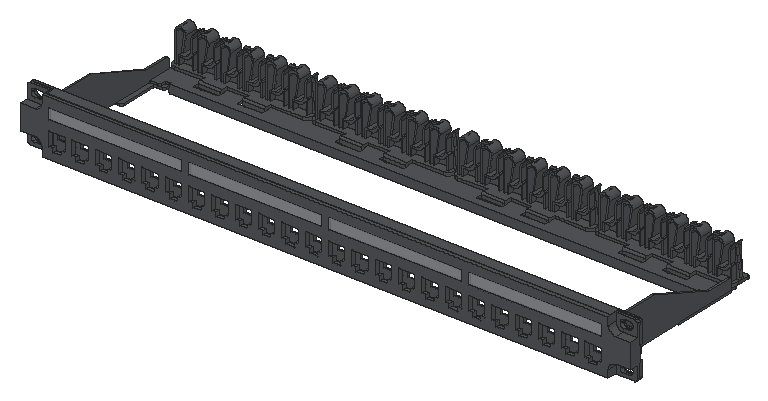
Revit family "Panel de interconexión", category Equipement spécialisé, Revit 2020 (continued)
Forms (mm)
  Extrusion 141, solid, material "IDS_NOIR" <- "Color"
    sketch origin (154.436, 226.765, 1200) x (-1, 0, 0) y (0, 0, 1)
      loop
        arc (-27.193, -1179.156) -> (-27.53, -1178.991) -> (-27.764, -1179.283) r 0.3
        line (-27.764, -1179.283) -> (-27.764, -1188.4)
      loop
        line (-16.764, -1182.4) -> (-16.764, -1188.4) -> (-15.004, -1188.4) -> (-15.004, -1182.4) -> (-16.764, -1182.4)
    from 1 to -1
  Extrusion 142, solid, material "IDS_NOIR" <- "Color"
    sketch origin (172.436, 226.765, 1200) x (-1, 0, 0) y (0, 0, 1)
      loop
        line (-28.964, -1163.4) -> (-28.964, -1173.921)
        arc (-28.964, -1173.921) -> (-29.228, -1174.219) -> (-29.555, -1173.994) r 0.3
        line (-29.555, -1173.994) -> (-31.804, -1165.028) -> (-31.804, -1188.4) -> (-28.964, -1188.4) -> (-28.964, -1178.068)
        arc (-28.964, -1178.068) -> (-28.87, -1177.644) -> (-28.605, -1177.3) r 1
        line (-28.605, -1177.3) -> (-27.764, -1176.6) -> (-27.764, -1166.45) -> (-28.964, -1163.4)
      loop
        line (-27.764, -1188.4) -> (-17.964, -1188.4) -> (-17.964, -1182.6) -> (-21.764, -1182.6)
        arc (-21.764, -1182.6) -> (-24.979, -1181.666) -> (-27.193, -1179.156) r 6
        arc (-27.193, -1179.156) -> (-27.53, -1178.991) -> (-27.764, -1179.283) r 0.3
        line (-27.764, -1179.283) -> (-27.764, -1188.4)
      loop
        line (-16.764, -1182.4) -> (-16.764, -1188.4) -> (-15.004, -1188.4) -> (-15.004, -1182.4) -> (-16.764, -1182.4)
    from 1 to -1
  Extrusion 143, solid, material "IDS_NOIR" <- "Color"
    sketch origin (190.436, 226.765, 1200) x (-1, 0, 0) y (0, 0, 1)
      loop
        line (-32.464, -1188.4) -> (-28.964, -1188.4) -> (-28.964, -1178.068)
        arc (-28.964, -1178.068) -> (-28.87, -1177.644) -> (-28.605, -1177.3) r 1
        line (-28.605, -1177.3) -> (-27.764, -1176.6) -> (-27.764, -1166.45) -> (-28.819, -1163.769) -> (-32.464, -1188.4)
      loop
        line (-27.764, -1188.4) -> (-17.964, -1188.4) -> (-17.964, -1182.6) -> (-21.764, -1182.6)
        arc (-21.764, -1182.6) -> (-24.979, -1181.666) -> (-27.193, -1179.156) r 6
        arc (-27.193, -1179.156) -> (-27.53, -1178.991) -> (-27.764, -1179.283) r 0.3
        line (-27.764, -1179.283) -> (-27.764, -1188.4)
      loop
        line (-16.764, -1182.4) -> (-16.764, -1188.4) -> (-15.004, -1188.4) -> (-15.004, -1182.4) -> (-16.764, -1182.4)
    from 1 to -1
  Extrusion 144, solid, material "IDS_NOIR" <- "Color"
    sketch origin (100.436, 226.765, 1200) x (-1, 0, 0) y (0, 0, 1)
      loop
        arc (-36.054, -1161.15) -> (-33.708, -1161.856) -> (-32.142, -1163.74) r 4.25
        arc (-32.142, -1163.74) -> (-32.055, -1162.798) -> (-31.221, -1162.35) r 1
        line (-31.221, -1162.35) -> (-28.964, -1162.35) -> (-28.964, -1161.15) -> (-36.054, -1161.15)
    from -1 to 1
  Extrusion 145, solid, material "IDS_NOIR" <- "Color"
    sketch origin (118.436, 226.765, 1200) x (-1, 0, 0) y (0, 0, 1)
      loop
        arc (-36.054, -1161.15) -> (-33.708, -1161.856) -> (-32.142, -1163.74) r 4.25
        arc (-32.142, -1163.74) -> (-32.055, -1162.798) -> (-31.221, -1162.35) r 1
        line (-31.221, -1162.35) -> (-28.964, -1162.35) -> (-28.964, -1161.15) -> (-36.054, -1161.15)
    from -1 to 1
  Extrusion 146, solid, material "IDS_NOIR" <- "Color"
    sketch origin (136.436, 226.765, 1200) x (-1, 0, 0) y (0, 0, 1)
      loop
        arc (-36.054, -1161.15) -> (-33.708, -1161.856) -> (-32.142, -1163.74) r 4.25
        arc (-32.142, -1163.74) -> (-32.055, -1162.798) -> (-31.221, -1162.35) r 1
        line (-31.221, -1162.35) -> (-28.964, -1162.35) -> (-28.964, -1161.15) -> (-36.054, -1161.15)
    from -1 to 1
  Extrusion 147, solid, material "IDS_NOIR" <- "Color"
    sketch origin (154.436, 226.765, 1200) x (-1, 0, 0) y (0, 0, 1)
      loop
        arc (-36.054, -1161.15) -> (-33.708, -1161.856) -> (-32.142, -1163.74) r 4.25
        arc (-32.142, -1163.74) -> (-32.055, -1162.798) -> (-31.221, -1162.35) r 1
        line (-31.221, -1162.35) -> (-28.964, -1162.35) -> (-28.964, -1161.15) -> (-36.054, -1161.15)
    from -1 to 1
  Extrusion 148, solid, material "IDS_NOIR" <- "Color"
    sketch origin (172.436, 226.765, 1200) x (-1, 0, 0) y (0, 0, 1)
      loop
        arc (-36.054, -1161.15) -> (-33.708, -1161.856) -> (-32.142, -1163.74) r 4.25
        arc (-32.142, -1163.74) -> (-32.055, -1162.798) -> (-31.221, -1162.35) r 1
        line (-31.221, -1162.35) -> (-28.964, -1162.35) -> (-28.964, -1161.15) -> (-36.054, -1161.15)
    from -1 to 1
  Extrusion 149, solid, material "IDS_NOIR" <- "Color"
    sketch origin (335.6, 127.2, 9.6) x (1, 0, 0) y (0, 1, 0)
      loop
        line (5.4, 91.1) -> (106.4, 91.1)
        arc (106.4, 91.1) -> (109.936, 92.564) -> (111.4, 96.1) r 5
        line (111.4, 96.1) -> (111.4, 105.6)
        arc (111.4, 105.6) -> (110.814, 107.014) -> (109.4, 107.6) r 2
        line (109.4, 107.6) -> (2.4, 107.6)
        arc (2.4, 107.6) -> (0.986, 107.014) -> (0.4, 105.6) r 2
        line (0.4, 105.6) -> (0.4, 96.1)
        arc (0.4, 96.1) -> (1.864, 92.564) -> (5.4, 91.1) r 5
    from 0 to 2
  Extrusion 150, solid, material "IDS_NOIR" <- "Color"
    sketch origin (364.5, 239.845, 1200) x (0, 1, 0) y (0, 0, 1)
      loop
        line (-21.545, -1190.4) -> (-21.545, -1188.4) -> (-26.045, -1188.4)
        arc (-26.045, -1188.4) -> (-27.106, -1188.839) -> (-27.545, -1189.9) r 1.5
        line (-27.545, -1189.9) -> (-27.545, -1192.9)
        arc (-27.545, -1192.9) -> (-27.106, -1193.961) -> (-26.045, -1194.4) r 1.5
        line (-26.045, -1194.4) -> (-23.545, -1194.4) -> (-23.545, -1192.4) -> (-25.545, -1192.4) -> (-25.545, -1190.4) -> (-21.545, -1190.4)
    from 0 to 18
  Extrusion 151, solid, material "IDS_NOIR" <- "Color"
    sketch origin (417.3, 239.845, 1200) x (0, 1, 0) y (0, 0, -1)
      loop
        line (-21.545, 1190.4) -> (-25.545, 1190.4) -> (-25.545, 1192.4) -> (-23.545, 1192.4) -> (-23.545, 1194.4) -> (-26.045, 1194.4)
        arc (-26.045, 1194.4) -> (-27.106, 1193.961) -> (-27.545, 1192.9) r 1.5
        line (-27.545, 1192.9) -> (-27.545, 1189.9)
        arc (-27.545, 1189.9) -> (-27.106, 1188.839) -> (-26.045, 1188.4) r 1.5
        line (-26.045, 1188.4) -> (-21.545, 1188.4) -> (-21.545, 1190.4)
    from 0 to 18
  Extrusion 152, solid, material "IDS_NOIR" <- "Color"
    sketch origin (341, 247.204, 1200) x (0, 1, 0) y (0, 0, 1)
      loop
        line (-12.404, -1190.401) -> (-13.654, -1190.401) -> (-13.654, -1195.9) -> (-12.404, -1195.9) -> (-12.404, -1190.401)
    from 0 to 22
  Extrusion 153, solid
    sketch origin (343.5, 236.327, 1200) x (0, 1, 0) y (0, 0, 1)
      loop
        line (-4.027, -1192.4) -> (-4.027, -1195.9) -> (-2.777, -1195.9) -> (-2.777, -1192.4) -> (-4.027, -1192.4)
    from 0 to 4
  Extrusion 154, void
    sketch origin (341, 247.204, 1200) x (0, -1, 0) y (0, 0, 1)
      loop
        line (12.904, -1195.9) -> (14.904, -1195.9) -> (14.904, -1193.4) -> (12.904, -1195.9)
    from 0 to -22
  Extrusion 155, solid, material "IDS_NOIR" <- "Color"
    sketch origin (440.8, 247.204, 1200) x (0, 1, 0) y (0, 0, -1)
      loop
        line (-12.404, 1190.401) -> (-12.404, 1195.9) -> (-13.654, 1195.9) -> (-13.654, 1190.401) -> (-12.404, 1190.401)
    from 0 to 22
  Extrusion 156, solid
    sketch origin (438.3, 236.327, 1200) x (0, 1, 0) y (0, 0, -1)
      loop
        line (-4.027, 1192.4) -> (-2.777, 1192.4) -> (-2.777, 1195.9) -> (-4.027, 1195.9) -> (-4.027, 1192.4)
    from 0 to 4
  Extrusion 157, void
    sketch origin (440.8, 247.204, 1200) x (0, -1, 0) y (0, 0, -1)
      loop
        line (12.904, 1195.9) -> (14.904, 1193.4) -> (14.904, 1195.9) -> (12.904, 1195.9)
    from 0 to -22
  Extrusion 158, solid, material "IDS_NOIR" <- "Color"
    sketch origin (307.6, 231.765, 1200) x (-1, 0, 0) y (0, 0, 1)
      loop
        line (-30.74, -1188.4) -> (-30.74, -1165.4)
        arc (-30.74, -1165.4) -> (-35.283, -1161.16) -> (-39.2, -1165.985) r 4.25
        line (-39.2, -1165.985) -> (-37.4, -1178.928) -> (-36.211, -1178.763) -> (-38.011, -1165.82)
        arc (-38.011, -1165.82) -> (-35.201, -1162.357) -> (-31.94, -1165.4) r 3.05
        line (-31.94, -1165.4) -> (-31.94, -1188.4) -> (-30.74, -1188.4)
      loop
        line (-44.7, -1176.6) -> (-45.54, -1177.3)
        arc (-45.54, -1177.3) -> (-45.806, -1177.644) -> (-45.9, -1178.068) r 1
        line (-45.9, -1178.068) -> (-45.9, -1188.4) -> (-44.7, -1188.4) -> (-44.7, -1179.283)
        arc (-44.7, -1179.283) -> (-44.465, -1178.991) -> (-44.129, -1179.156) r 0.3
        arc (-44.129, -1179.156) -> (-41.915, -1181.666) -> (-38.7, -1182.6) r 6
        line (-38.7, -1182.6) -> (-34.9, -1182.6) -> (-34.9, -1188.4) -> (-33.7, -1188.4) -> (-33.7, -1182.4)
        arc (-33.7, -1182.4) -> (-33.993, -1181.693) -> (-34.7, -1181.4) r 1
        line (-34.7, -1181.4) -> (-37.5, -1181.4)
        arc (-37.5, -1181.4) -> (-41.743, -1179.643) -> (-43.5, -1175.4) r 6
        line (-43.5, -1175.4) -> (-43.5, -1166.45) -> (-44.7, -1163.4) -> (-45.9, -1163.4) -> (-44.7, -1166.45) -> (-44.7, -1176.6)
    from 0 to -10
  Extrusion 159, solid, material "IDS_NOIR" <- "Color"
    sketch origin (325.6, 231.765, 1200) x (-1, 0, 0) y (0, 0, 1)
      loop
        line (-30.74, -1188.4) -> (-30.74, -1165.4)
        arc (-30.74, -1165.4) -> (-35.283, -1161.16) -> (-39.2, -1165.985) r 4.25
        line (-39.2, -1165.985) -> (-37.4, -1178.928) -> (-36.211, -1178.763) -> (-38.011, -1165.82)
        arc (-38.011, -1165.82) -> (-35.201, -1162.357) -> (-31.94, -1165.4) r 3.05
        line (-31.94, -1165.4) -> (-31.94, -1188.4) -> (-30.74, -1188.4)
      loop
        line (-44.7, -1176.6) -> (-45.54, -1177.3)
        arc (-45.54, -1177.3) -> (-45.806, -1177.644) -> (-45.9, -1178.068) r 1
        line (-45.9, -1178.068) -> (-45.9, -1188.4) -> (-44.7, -1188.4) -> (-44.7, -1179.283)
        arc (-44.7, -1179.283) -> (-44.465, -1178.991) -> (-44.129, -1179.156) r 0.3
        arc (-44.129, -1179.156) -> (-41.915, -1181.666) -> (-38.7, -1182.6) r 6
        line (-38.7, -1182.6) -> (-34.9, -1182.6) -> (-34.9, -1188.4) -> (-33.7, -1188.4) -> (-33.7, -1182.4)
        arc (-33.7, -1182.4) -> (-33.993, -1181.693) -> (-34.7, -1181.4) r 1
        line (-34.7, -1181.4) -> (-37.5, -1181.4)
        arc (-37.5, -1181.4) -> (-41.743, -1179.643) -> (-43.5, -1175.4) r 6
        line (-43.5, -1175.4) -> (-43.5, -1166.45) -> (-44.7, -1163.4) -> (-45.9, -1163.4) -> (-44.7, -1166.45) -> (-44.7, -1176.6)
    from 0 to -10
  Extrusion 160, solid, material "IDS_NOIR" <- "Color"
    sketch origin (343.6, 231.765, 1200) x (-1, 0, 0) y (0, 0, 1)
      loop
        line (-30.74, -1188.4) -> (-30.74, -1165.4)
        arc (-30.74, -1165.4) -> (-35.283, -1161.16) -> (-39.2, -1165.985) r 4.25
        line (-39.2, -1165.985) -> (-37.4, -1178.928) -> (-36.211, -1178.763) -> (-38.011, -1165.82)
        arc (-38.011, -1165.82) -> (-35.201, -1162.357) -> (-31.94, -1165.4) r 3.05
        line (-31.94, -1165.4) -> (-31.94, -1188.4) -> (-30.74, -1188.4)
      loop
        line (-44.7, -1176.6) -> (-45.54, -1177.3)
        arc (-45.54, -1177.3) -> (-45.806, -1177.644) -> (-45.9, -1178.068) r 1
        line (-45.9, -1178.068) -> (-45.9, -1188.4) -> (-44.7, -1188.4) -> (-44.7, -1179.283)
        arc (-44.7, -1179.283) -> (-44.465, -1178.991) -> (-44.129, -1179.156) r 0.3
        arc (-44.129, -1179.156) -> (-41.915, -1181.666) -> (-38.7, -1182.6) r 6
        line (-38.7, -1182.6) -> (-34.9, -1182.6) -> (-34.9, -1188.4) -> (-33.7, -1188.4) -> (-33.7, -1182.4)
        arc (-33.7, -1182.4) -> (-33.993, -1181.693) -> (-34.7, -1181.4) r 1
        line (-34.7, -1181.4) -> (-37.5, -1181.4)
        arc (-37.5, -1181.4) -> (-41.743, -1179.643) -> (-43.5, -1175.4) r 6
        line (-43.5, -1175.4) -> (-43.5, -1166.45) -> (-44.7, -1163.4) -> (-45.9, -1163.4) -> (-44.7, -1166.45) -> (-44.7, -1176.6)
    from 0 to -10
  Extrusion 161, solid, material "IDS_NOIR" <- "Color"
    sketch origin (361.6, 231.765, 1200) x (-1, 0, 0) y (0, 0, 1)
      loop
        line (-30.74, -1188.4) -> (-30.74, -1165.4)
        arc (-30.74, -1165.4) -> (-35.283, -1161.16) -> (-39.2, -1165.985) r 4.25
        line (-39.2, -1165.985) -> (-37.4, -1178.928) -> (-36.211, -1178.763) -> (-38.011, -1165.82)
        arc (-38.011, -1165.82) -> (-35.201, -1162.357) -> (-31.94, -1165.4) r 3.05
        line (-31.94, -1165.4) -> (-31.94, -1188.4) -> (-30.74, -1188.4)
      loop
        line (-44.7, -1176.6) -> (-45.54, -1177.3)
        arc (-45.54, -1177.3) -> (-45.806, -1177.644) -> (-45.9, -1178.068) r 1
        line (-45.9, -1178.068) -> (-45.9, -1188.4) -> (-44.7, -1188.4) -> (-44.7, -1179.283)
        arc (-44.7, -1179.283) -> (-44.465, -1178.991) -> (-44.129, -1179.156) r 0.3
        arc (-44.129, -1179.156) -> (-41.915, -1181.666) -> (-38.7, -1182.6) r 6
        line (-38.7, -1182.6) -> (-34.9, -1182.6) -> (-34.9, -1188.4) -> (-33.7, -1188.4) -> (-33.7, -1182.4)
        arc (-33.7, -1182.4) -> (-33.993, -1181.693) -> (-34.7, -1181.4) r 1
        line (-34.7, -1181.4) -> (-37.5, -1181.4)
        arc (-37.5, -1181.4) -> (-41.743, -1179.643) -> (-43.5, -1175.4) r 6
        line (-43.5, -1175.4) -> (-43.5, -1166.45) -> (-44.7, -1163.4) -> (-45.9, -1163.4) -> (-44.7, -1166.45) -> (-44.7, -1176.6)
    from 0 to -10
  Extrusion 162, solid, material "IDS_NOIR" <- "Color"
    sketch origin (379.6, 231.765, 1200) x (-1, 0, 0) y (0, 0, 1)
      loop
        line (-30.74, -1188.4) -> (-30.74, -1165.4)
        arc (-30.74, -1165.4) -> (-35.283, -1161.16) -> (-39.2, -1165.985) r 4.25
        line (-39.2, -1165.985) -> (-37.4, -1178.928) -> (-36.211, -1178.763) -> (-38.011, -1165.82)
        arc (-38.011, -1165.82) -> (-35.201, -1162.357) -> (-31.94, -1165.4) r 3.05
        line (-31.94, -1165.4) -> (-31.94, -1188.4) -> (-30.74, -1188.4)
      loop
        line (-44.7, -1176.6) -> (-45.54, -1177.3)
        arc (-45.54, -1177.3) -> (-45.806, -1177.644) -> (-45.9, -1178.068) r 1
        line (-45.9, -1178.068) -> (-45.9, -1188.4) -> (-44.7, -1188.4) -> (-44.7, -1179.283)
        arc (-44.7, -1179.283) -> (-44.465, -1178.991) -> (-44.129, -1179.156) r 0.3
        arc (-44.129, -1179.156) -> (-41.915, -1181.666) -> (-38.7, -1182.6) r 6
        line (-38.7, -1182.6) -> (-34.9, -1182.6) -> (-34.9, -1188.4) -> (-33.7, -1188.4) -> (-33.7, -1182.4)
        arc (-33.7, -1182.4) -> (-33.993, -1181.693) -> (-34.7, -1181.4) r 1
        line (-34.7, -1181.4) -> (-37.5, -1181.4)
        arc (-37.5, -1181.4) -> (-41.743, -1179.643) -> (-43.5, -1175.4) r 6
        line (-43.5, -1175.4) -> (-43.5, -1166.45) -> (-44.7, -1163.4) -> (-45.9, -1163.4) -> (-44.7, -1166.45) -> (-44.7, -1176.6)
    from 0 to -10
  Extrusion 163, solid, material "IDS_NOIR" <- "Color"
    sketch origin (397.6, 231.765, 1200) x (-1, 0, 0) y (0, 0, 1)
      loop
        line (-30.74, -1188.4) -> (-30.74, -1165.4)
        arc (-30.74, -1165.4) -> (-35.283, -1161.16) -> (-39.2, -1165.985) r 4.25
        line (-39.2, -1165.985) -> (-37.4, -1178.928) -> (-36.211, -1178.763) -> (-38.011, -1165.82)
        arc (-38.011, -1165.82) -> (-35.201, -1162.357) -> (-31.94, -1165.4) r 3.05
        line (-31.94, -1165.4) -> (-31.94, -1188.4) -> (-30.74, -1188.4)
      loop
        line (-44.7, -1176.6) -> (-45.54, -1177.3)
        arc (-45.54, -1177.3) -> (-45.806, -1177.644) -> (-45.9, -1178.068) r 1
        line (-45.9, -1178.068) -> (-45.9, -1188.4) -> (-44.7, -1188.4) -> (-44.7, -1179.283)
        arc (-44.7, -1179.283) -> (-44.465, -1178.991) -> (-44.129, -1179.156) r 0.3
        arc (-44.129, -1179.156) -> (-41.915, -1181.666) -> (-38.7, -1182.6) r 6
        line (-38.7, -1182.6) -> (-34.9, -1182.6) -> (-34.9, -1188.4) -> (-33.7, -1188.4) -> (-33.7, -1182.4)
        arc (-33.7, -1182.4) -> (-33.993, -1181.693) -> (-34.7, -1181.4) r 1
        line (-34.7, -1181.4) -> (-37.5, -1181.4)
        arc (-37.5, -1181.4) -> (-41.743, -1179.643) -> (-43.5, -1175.4) r 6
        line (-43.5, -1175.4) -> (-43.5, -1166.45) -> (-44.7, -1163.4) -> (-45.9, -1163.4) -> (-44.7, -1166.45) -> (-44.7, -1176.6)
    from 0 to -10
  Extrusion 164, solid, material "IDS_NOIR" <- "Color"
    sketch origin (324.536, 226.765, 1200) x (-1, 0, 0) y (0, 0, 1)
      loop
        line (-28.964, -1163.4) -> (-28.964, -1173.921)
        arc (-28.964, -1173.921) -> (-29.228, -1174.219) -> (-29.555, -1173.994) r 0.3
        line (-29.555, -1173.994) -> (-31.804, -1165.028) -> (-31.804, -1188.4) -> (-28.964, -1188.4) -> (-28.964, -1178.068)
        arc (-28.964, -1178.068) -> (-28.87, -1177.644) -> (-28.605, -1177.3) r 1
        line (-28.605, -1177.3) -> (-27.764, -1176.6) -> (-27.764, -1166.45) -> (-28.964, -1163.4)
      loop
        line (-27.764, -1188.4) -> (-17.964, -1188.4) -> (-17.964, -1182.6) -> (-21.764, -1182.6)
        arc (-21.764, -1182.6) -> (-24.979, -1181.666) -> (-27.193, -1179.156) r 6
        arc (-27.193, -1179.156) -> (-27.53, -1178.991) -> (-27.764, -1179.283) r 0.3
        line (-27.764, -1179.283) -> (-27.764, -1188.4)
      loop
        line (-16.764, -1182.4) -> (-16.764, -1188.4) -> (-15.004, -1188.4) -> (-15.004, -1182.4) -> (-16.764, -1182.4)
      loop
        line (-13.804, -1188.4) -> (-11.464, -1188.4) -> (-13.804, -1165.4) -> (-13.804, -1188.4)
    from 1 to -1
  Extrusion 165, solid, material "IDS_NOIR" <- "Color"
    sketch origin (342.536, 226.765, 1200) x (-1, 0, 0) y (0, 0, 1)
      loop
        line (-28.964, -1163.4) -> (-28.964, -1173.921)
        arc (-28.964, -1173.921) -> (-29.228, -1174.219) -> (-29.555, -1173.994) r 0.3
        line (-29.555, -1173.994) -> (-31.804, -1165.028) -> (-31.804, -1188.4) -> (-28.964, -1188.4) -> (-28.964, -1178.068)
        arc (-28.964, -1178.068) -> (-28.87, -1177.644) -> (-28.605, -1177.3) r 1
        line (-28.605, -1177.3) -> (-27.764, -1176.6) -> (-27.764, -1166.45) -> (-28.964, -1163.4)
      loop
        line (-27.764, -1188.4) -> (-17.964, -1188.4) -> (-17.964, -1182.6) -> (-21.764, -1182.6)
        arc (-21.764, -1182.6) -> (-24.979, -1181.666) -> (-27.193, -1179.156) r 6
        arc (-27.193, -1179.156) -> (-27.53, -1178.991) -> (-27.764, -1179.283) r 0.3
        line (-27.764, -1179.283) -> (-27.764, -1188.4)
      loop
        line (-16.764, -1182.4) -> (-16.764, -1188.4) -> (-15.229, -1188.4) -> (-15.229, -1182.4) -> (-16.764, -1182.4)
    from 1 to -1
  Extrusion 166, solid, material "IDS_NOIR" <- "Color"
    sketch origin (360.536, 226.765, 1200) x (-1, 0, 0) y (0, 0, 1)
      loop
        line (-28.964, -1163.4) -> (-28.964, -1173.921)
        arc (-28.964, -1173.921) -> (-29.228, -1174.219) -> (-29.555, -1173.994) r 0.3
        line (-29.555, -1173.994) -> (-31.804, -1165.028) -> (-31.804, -1188.4) -> (-28.964, -1188.4) -> (-28.964, -1178.068)
        arc (-28.964, -1178.068) -> (-28.87, -1177.644) -> (-28.605, -1177.3) r 1
        line (-28.605, -1177.3) -> (-27.764, -1176.6) -> (-27.764, -1166.45) -> (-28.964, -1163.4)
      loop
        line (-27.764, -1188.4) -> (-17.964, -1188.4) -> (-17.964, -1182.6) -> (-21.764, -1182.6)
        arc (-21.764, -1182.6) -> (-24.979, -1181.666) -> (-27.193, -1179.156) r 6
        arc (-27.193, -1179.156) -> (-27.53, -1178.991) -> (-27.764, -1179.283) r 0.3
        line (-27.764, -1179.283) -> (-27.764, -1188.4)
      loop
        line (-16.764, -1182.4) -> (-16.764, -1188.4) -> (-15.004, -1188.4) -> (-15.004, -1182.4) -> (-16.764, -1182.4)
    from 1 to -1
  Extrusion 167, solid, material "IDS_NOIR" <- "Color"
    sketch origin (378.536, 226.765, 1200) x (-1, 0, 0) y (0, 0, 1)
      loop
        line (-28.964, -1163.4) -> (-28.964, -1173.921)
        arc (-28.964, -1173.921) -> (-29.228, -1174.219) -> (-29.555, -1173.994) r 0.3
        line (-29.555, -1173.994) -> (-31.804, -1165.028) -> (-31.804, -1188.4) -> (-28.964, -1188.4) -> (-28.964, -1178.068)
        arc (-28.964, -1178.068) -> (-28.87, -1177.644) -> (-28.605, -1177.3) r 1
        line (-28.605, -1177.3) -> (-27.764, -1176.6) -> (-27.764, -1166.45) -> (-28.964, -1163.4)
      loop
        line (-27.764, -1188.4) -> (-17.964, -1188.4) -> (-17.964, -1182.6) -> (-21.764, -1182.6)
        arc (-21.764, -1182.6) -> (-24.979, -1181.666) -> (-27.193, -1179.156) r 6
        arc (-27.193, -1179.156) -> (-27.53, -1178.991) -> (-27.764, -1179.283) r 0.3
        line (-27.764, -1179.283) -> (-27.764, -1188.4)
      loop
        line (-16.764, -1182.4) -> (-16.764, -1188.4) -> (-15.004, -1188.4) -> (-15.004, -1182.4) -> (-16.764, -1182.4)
    from 1 to -1
  Extrusion 168, solid, material "IDS_NOIR" <- "Color"
    sketch origin (396.536, 226.765, 1200) x (-1, 0, 0) y (0, 0, 1)
      loop
        line (-28.964, -1163.4) -> (-28.964, -1173.921)
        arc (-28.964, -1173.921) -> (-29.228, -1174.219) -> (-29.555, -1173.994) r 0.3
        line (-29.555, -1173.994) -> (-31.804, -1165.028) -> (-31.804, -1188.4) -> (-28.964, -1188.4) -> (-28.964, -1178.068)
        arc (-28.964, -1178.068) -> (-28.87, -1177.644) -> (-28.605, -1177.3) r 1
        line (-28.605, -1177.3) -> (-27.764, -1176.6) -> (-27.764, -1166.45) -> (-28.964, -1163.4)
      loop
        line (-27.764, -1188.4) -> (-17.964, -1188.4) -> (-17.964, -1182.6) -> (-21.764, -1182.6)
        arc (-21.764, -1182.6) -> (-24.979, -1181.666) -> (-27.193, -1179.156) r 6
        arc (-27.193, -1179.156) -> (-27.53, -1178.991) -> (-27.764, -1179.283) r 0.3
        line (-27.764, -1179.283) -> (-27.764, -1188.4)
      loop
        line (-16.764, -1182.4) -> (-16.764, -1188.4) -> (-15.004, -1188.4) -> (-15.004, -1182.4) -> (-16.764, -1182.4)
    from 1 to -1
  Extrusion 169, solid, material "IDS_NOIR" <- "Color"
    sketch origin (414.536, 226.765, 1200) x (-1, 0, 0) y (0, 0, 1)
      loop
        line (-32.464, -1188.4) -> (-28.964, -1188.4) -> (-28.964, -1178.068)
        arc (-28.964, -1178.068) -> (-28.87, -1177.644) -> (-28.605, -1177.3) r 1
        line (-28.605, -1177.3) -> (-27.764, -1176.6) -> (-27.764, -1166.45) -> (-28.819, -1163.769) -> (-32.464, -1188.4)
      loop
        line (-27.764, -1188.4) -> (-17.964, -1188.4) -> (-17.964, -1182.6) -> (-21.764, -1182.6)
        arc (-21.764, -1182.6) -> (-24.979, -1181.666) -> (-27.193, -1179.156) r 6
        arc (-27.193, -1179.156) -> (-27.53, -1178.991) -> (-27.764, -1179.283) r 0.3
        line (-27.764, -1179.283) -> (-27.764, -1188.4)
      loop
        line (-16.764, -1182.4) -> (-16.764, -1188.4) -> (-15.004, -1188.4) -> (-15.004, -1182.4) -> (-16.764, -1182.4)
    from 1 to -1
  Extrusion 170, solid, material "IDS_NOIR" <- "Color"
    sketch origin (324.536, 226.765, 1200) x (-1, 0, 0) y (0, 0, 1)
      loop
        arc (-36.054, -1161.15) -> (-33.708, -1161.856) -> (-32.142, -1163.74) r 4.25
        arc (-32.142, -1163.74) -> (-32.055, -1162.798) -> (-31.221, -1162.35) r 1
        line (-31.221, -1162.35) -> (-28.964, -1162.35) -> (-28.964, -1161.15) -> (-36.054, -1161.15)
    from -1 to 1
  Extrusion 171, solid, material "IDS_NOIR" <- "Color"
    sketch origin (342.536, 226.765, 1200) x (-1, 0, 0) y (0, 0, 1)
      loop
        arc (-36.054, -1161.15) -> (-33.708, -1161.856) -> (-32.142, -1163.74) r 4.25
        arc (-32.142, -1163.74) -> (-32.055, -1162.798) -> (-31.221, -1162.35) r 1
        line (-31.221, -1162.35) -> (-28.964, -1162.35) -> (-28.964, -1161.15) -> (-36.054, -1161.15)
    from -1 to 1
  Extrusion 172, solid, material "IDS_NOIR" <- "Color"
    sketch origin (360.536, 226.765, 1200) x (-1, 0, 0) y (0, 0, 1)
      loop
        arc (-36.054, -1161.15) -> (-33.708, -1161.856) -> (-32.142, -1163.74) r 4.25
        arc (-32.142, -1163.74) -> (-32.055, -1162.798) -> (-31.221, -1162.35) r 1
        line (-31.221, -1162.35) -> (-28.964, -1162.35) -> (-28.964, -1161.15) -> (-36.054, -1161.15)
    from -1 to 1
  Extrusion 173, solid, material "IDS_NOIR" <- "Color"
    sketch origin (378.536, 226.765, 1200) x (-1, 0, 0) y (0, 0, 1)
      loop
        arc (-36.054, -1161.15) -> (-33.708, -1161.856) -> (-32.142, -1163.74) r 4.25
        arc (-32.142, -1163.74) -> (-32.055, -1162.798) -> (-31.221, -1162.35) r 1
        line (-31.221, -1162.35) -> (-28.964, -1162.35) -> (-28.964, -1161.15) -> (-36.054, -1161.15)
    from -1 to 1
  Extrusion 174, solid, material "IDS_NOIR" <- "Color"
    sketch origin (396.536, 226.765, 1200) x (-1, 0, 0) y (0, 0, 1)
      loop
        arc (-36.054, -1161.15) -> (-33.708, -1161.856) -> (-32.142, -1163.74) r 4.25
        arc (-32.142, -1163.74) -> (-32.055, -1162.798) -> (-31.221, -1162.35) r 1
        line (-31.221, -1162.35) -> (-28.964, -1162.35) -> (-28.964, -1161.15) -> (-36.054, -1161.15)
    from -1 to 1
  Extrusion 175, solid, material "IDS_NOIR" <- "Color"
    sketch origin (224.1, 127.2, 9.6) x (1, 0, 0) y (0, 1, 0)
      loop
        line (5.4, 91.1) -> (106.4, 91.1)
        arc (106.4, 91.1) -> (109.936, 92.564) -> (111.4, 96.1) r 5
        line (111.4, 96.1) -> (111.4, 105.6)
        arc (111.4, 105.6) -> (110.814, 107.014) -> (109.4, 107.6) r 2
        line (109.4, 107.6) -> (2.4, 107.6)
        arc (2.4, 107.6) -> (0.986, 107.014) -> (0.4, 105.6) r 2
        line (0.4, 105.6) -> (0.4, 96.1)
        arc (0.4, 96.1) -> (1.864, 92.564) -> (5.4, 91.1) r 5
    from 0 to 2
  Extrusion 176, solid, material "IDS_NOIR" <- "Color"
    sketch origin (253, 239.845, 1200) x (0, 1, 0) y (0, 0, 1)
      loop
        line (-21.545, -1190.4) -> (-21.545, -1188.4) -> (-26.045, -1188.4)
        arc (-26.045, -1188.4) -> (-27.106, -1188.839) -> (-27.545, -1189.9) r 1.5
        line (-27.545, -1189.9) -> (-27.545, -1192.9)
        arc (-27.545, -1192.9) -> (-27.106, -1193.961) -> (-26.045, -1194.4) r 1.5
        line (-26.045, -1194.4) -> (-23.545, -1194.4) -> (-23.545, -1192.4) -> (-25.545, -1192.4) -> (-25.545, -1190.4) -> (-21.545, -1190.4)
    from 0 to 18
  Extrusion 177, solid, material "IDS_NOIR" <- "Color"
    sketch origin (305.8, 239.845, 1200) x (0, 1, 0) y (0, 0, -1)
      loop
        line (-21.545, 1190.4) -> (-25.545, 1190.4) -> (-25.545, 1192.4) -> (-23.545, 1192.4) -> (-23.545, 1194.4) -> (-26.045, 1194.4)
        arc (-26.045, 1194.4) -> (-27.106, 1193.961) -> (-27.545, 1192.9) r 1.5
        line (-27.545, 1192.9) -> (-27.545, 1189.9)
        arc (-27.545, 1189.9) -> (-27.106, 1188.839) -> (-26.045, 1188.4) r 1.5
        line (-26.045, 1188.4) -> (-21.545, 1188.4) -> (-21.545, 1190.4)
    from 0 to 18
  Extrusion 178, solid, material "IDS_NOIR" <- "Color"
    sketch origin (229.5, 247.204, 1200) x (0, 1, 0) y (0, 0, 1)
      loop
        line (-12.404, -1190.401) -> (-13.654, -1190.401) -> (-13.654, -1195.9) -> (-12.404, -1195.9) -> (-12.404, -1190.401)
    from 0 to 22
  Extrusion 179, solid
    sketch origin (232, 236.327, 1200) x (0, 1, 0) y (0, 0, 1)
      loop
        line (-4.027, -1192.4) -> (-4.027, -1195.9) -> (-2.777, -1195.9) -> (-2.777, -1192.4) -> (-4.027, -1192.4)
    from 0 to 4
  Extrusion 180, void
    sketch origin (229.5, 247.204, 1200) x (0, -1, 0) y (0, 0, 1)
      loop
        line (12.904, -1195.9) -> (14.904, -1195.9) -> (14.904, -1193.4) -> (12.904, -1195.9)
    from 0 to -22
  Extrusion 181, solid, material "IDS_NOIR" <- "Color"
    sketch origin (329.3, 247.204, 1200) x (0, 1, 0) y (0, 0, -1)
      loop
        line (-12.404, 1190.401) -> (-12.404, 1195.9) -> (-13.654, 1195.9) -> (-13.654, 1190.401) -> (-12.404, 1190.401)
    from 0 to 22
  Extrusion 182, solid
    sketch origin (326.8, 236.327, 1200) x (0, 1, 0) y (0, 0, -1)
      loop
        line (-4.027, 1192.4) -> (-2.777, 1192.4) -> (-2.777, 1195.9) -> (-4.027, 1195.9) -> (-4.027, 1192.4)
    from 0 to 4
  Extrusion 183, void
    sketch origin (329.3, 247.204, 1200) x (0, -1, 0) y (0, 0, -1)
      loop
        line (12.904, 1195.9) -> (14.904, 1193.4) -> (14.904, 1195.9) -> (12.904, 1195.9)
    from 0 to -22
  Extrusion 184, solid, material "IDS_NOIR" <- "Color"
    sketch origin (196.1, 231.765, 1200) x (-1, 0, 0) y (0, 0, 1)
      loop
        line (-30.74, -1188.4) -> (-30.74, -1165.4)
        arc (-30.74, -1165.4) -> (-35.283, -1161.16) -> (-39.2, -1165.985) r 4.25
        line (-39.2, -1165.985) -> (-37.4, -1178.928) -> (-36.211, -1178.763) -> (-38.011, -1165.82)
        arc (-38.011, -1165.82) -> (-35.201, -1162.357) -> (-31.94, -1165.4) r 3.05
        line (-31.94, -1165.4) -> (-31.94, -1188.4) -> (-30.74, -1188.4)
      loop
        line (-44.7, -1176.6) -> (-45.54, -1177.3)
        arc (-45.54, -1177.3) -> (-45.806, -1177.644) -> (-45.9, -1178.068) r 1
        line (-45.9, -1178.068) -> (-45.9, -1188.4) -> (-44.7, -1188.4) -> (-44.7, -1179.283)
        arc (-44.7, -1179.283) -> (-44.465, -1178.991) -> (-44.129, -1179.156) r 0.3
        arc (-44.129, -1179.156) -> (-41.915, -1181.666) -> (-38.7, -1182.6) r 6
        line (-38.7, -1182.6) -> (-34.9, -1182.6) -> (-34.9, -1188.4) -> (-33.7, -1188.4) -> (-33.7, -1182.4)
        arc (-33.7, -1182.4) -> (-33.993, -1181.693) -> (-34.7, -1181.4) r 1
        line (-34.7, -1181.4) -> (-37.5, -1181.4)
        arc (-37.5, -1181.4) -> (-41.743, -1179.643) -> (-43.5, -1175.4) r 6
        line (-43.5, -1175.4) -> (-43.5, -1166.45) -> (-44.7, -1163.4) -> (-45.9, -1163.4) -> (-44.7, -1166.45) -> (-44.7, -1176.6)
    from 0 to -10
  Extrusion 185, solid, material "IDS_NOIR" <- "Color"
    sketch origin (214.1, 231.765, 1200) x (-1, 0, 0) y (0, 0, 1)
      loop
        line (-30.74, -1188.4) -> (-30.74, -1165.4)
        arc (-30.74, -1165.4) -> (-35.283, -1161.16) -> (-39.2, -1165.985) r 4.25
        line (-39.2, -1165.985) -> (-37.4, -1178.928) -> (-36.211, -1178.763) -> (-38.011, -1165.82)
        arc (-38.011, -1165.82) -> (-35.201, -1162.357) -> (-31.94, -1165.4) r 3.05
        line (-31.94, -1165.4) -> (-31.94, -1188.4) -> (-30.74, -1188.4)
      loop
        line (-44.7, -1176.6) -> (-45.54, -1177.3)
        arc (-45.54, -1177.3) -> (-45.806, -1177.644) -> (-45.9, -1178.068) r 1
        line (-45.9, -1178.068) -> (-45.9, -1188.4) -> (-44.7, -1188.4) -> (-44.7, -1179.283)
        arc (-44.7, -1179.283) -> (-44.465, -1178.991) -> (-44.129, -1179.156) r 0.3
        arc (-44.129, -1179.156) -> (-41.915, -1181.666) -> (-38.7, -1182.6) r 6
        line (-38.7, -1182.6) -> (-34.9, -1182.6) -> (-34.9, -1188.4) -> (-33.7, -1188.4) -> (-33.7, -1182.4)
        arc (-33.7, -1182.4) -> (-33.993, -1181.693) -> (-34.7, -1181.4) r 1
        line (-34.7, -1181.4) -> (-37.5, -1181.4)
        arc (-37.5, -1181.4) -> (-41.743, -1179.643) -> (-43.5, -1175.4) r 6
        line (-43.5, -1175.4) -> (-43.5, -1166.45) -> (-44.7, -1163.4) -> (-45.9, -1163.4) -> (-44.7, -1166.45) -> (-44.7, -1176.6)
    from 0 to -10
  Extrusion 186, solid, material "IDS_NOIR" <- "Color"
    sketch origin (232.1, 231.765, 1200) x (-1, 0, 0) y (0, 0, 1)
      loop
        line (-30.74, -1188.4) -> (-30.74, -1165.4)
        arc (-30.74, -1165.4) -> (-35.283, -1161.16) -> (-39.2, -1165.985) r 4.25
        line (-39.2, -1165.985) -> (-37.4, -1178.928) -> (-36.211, -1178.763) -> (-38.011, -1165.82)
        arc (-38.011, -1165.82) -> (-35.201, -1162.357) -> (-31.94, -1165.4) r 3.05
        line (-31.94, -1165.4) -> (-31.94, -1188.4) -> (-30.74, -1188.4)
      loop
        line (-44.7, -1176.6) -> (-45.54, -1177.3)
        arc (-45.54, -1177.3) -> (-45.806, -1177.644) -> (-45.9, -1178.068) r 1
        line (-45.9, -1178.068) -> (-45.9, -1188.4) -> (-44.7, -1188.4) -> (-44.7, -1179.283)
        arc (-44.7, -1179.283) -> (-44.465, -1178.991) -> (-44.129, -1179.156) r 0.3
        arc (-44.129, -1179.156) -> (-41.915, -1181.666) -> (-38.7, -1182.6) r 6
        line (-38.7, -1182.6) -> (-34.9, -1182.6) -> (-34.9, -1188.4) -> (-33.7, -1188.4) -> (-33.7, -1182.4)
        arc (-33.7, -1182.4) -> (-33.993, -1181.693) -> (-34.7, -1181.4) r 1
        line (-34.7, -1181.4) -> (-37.5, -1181.4)
        arc (-37.5, -1181.4) -> (-41.743, -1179.643) -> (-43.5, -1175.4) r 6
        line (-43.5, -1175.4) -> (-43.5, -1166.45) -> (-44.7, -1163.4) -> (-45.9, -1163.4) -> (-44.7, -1166.45) -> (-44.7, -1176.6)
    from 0 to -10
  Extrusion 187, solid, material "IDS_NOIR" <- "Color"
    sketch origin (250.1, 231.765, 1200) x (-1, 0, 0) y (0, 0, 1)
      loop
        line (-30.74, -1188.4) -> (-30.74, -1165.4)
        arc (-30.74, -1165.4) -> (-35.283, -1161.16) -> (-39.2, -1165.985) r 4.25
        line (-39.2, -1165.985) -> (-37.4, -1178.928) -> (-36.211, -1178.763) -> (-38.011, -1165.82)
        arc (-38.011, -1165.82) -> (-35.201, -1162.357) -> (-31.94, -1165.4) r 3.05
        line (-31.94, -1165.4) -> (-31.94, -1188.4) -> (-30.74, -1188.4)
      loop
        line (-44.7, -1176.6) -> (-45.54, -1177.3)
        arc (-45.54, -1177.3) -> (-45.806, -1177.644) -> (-45.9, -1178.068) r 1
        line (-45.9, -1178.068) -> (-45.9, -1188.4) -> (-44.7, -1188.4) -> (-44.7, -1179.283)
        arc (-44.7, -1179.283) -> (-44.465, -1178.991) -> (-44.129, -1179.156) r 0.3
        arc (-44.129, -1179.156) -> (-41.915, -1181.666) -> (-38.7, -1182.6) r 6
        line (-38.7, -1182.6) -> (-34.9, -1182.6) -> (-34.9, -1188.4) -> (-33.7, -1188.4) -> (-33.7, -1182.4)
        arc (-33.7, -1182.4) -> (-33.993, -1181.693) -> (-34.7, -1181.4) r 1
        line (-34.7, -1181.4) -> (-37.5, -1181.4)
        arc (-37.5, -1181.4) -> (-41.743, -1179.643) -> (-43.5, -1175.4) r 6
        line (-43.5, -1175.4) -> (-43.5, -1166.45) -> (-44.7, -1163.4) -> (-45.9, -1163.4) -> (-44.7, -1166.45) -> (-44.7, -1176.6)
    from 0 to -10
  Extrusion 188, solid, material "IDS_NOIR" <- "Color"
    sketch origin (268.1, 231.765, 1200) x (-1, 0, 0) y (0, 0, 1)
      loop
        line (-30.74, -1188.4) -> (-30.74, -1165.4)
        arc (-30.74, -1165.4) -> (-35.283, -1161.16) -> (-39.2, -1165.985) r 4.25
        line (-39.2, -1165.985) -> (-37.4, -1178.928) -> (-36.211, -1178.763) -> (-38.011, -1165.82)
        arc (-38.011, -1165.82) -> (-35.201, -1162.357) -> (-31.94, -1165.4) r 3.05
        line (-31.94, -1165.4) -> (-31.94, -1188.4) -> (-30.74, -1188.4)
      loop
        line (-44.7, -1176.6) -> (-45.54, -1177.3)
        arc (-45.54, -1177.3) -> (-45.806, -1177.644) -> (-45.9, -1178.068) r 1
        line (-45.9, -1178.068) -> (-45.9, -1188.4) -> (-44.7, -1188.4) -> (-44.7, -1179.283)
        arc (-44.7, -1179.283) -> (-44.465, -1178.991) -> (-44.129, -1179.156) r 0.3
        arc (-44.129, -1179.156) -> (-41.915, -1181.666) -> (-38.7, -1182.6) r 6
        line (-38.7, -1182.6) -> (-34.9, -1182.6) -> (-34.9, -1188.4) -> (-33.7, -1188.4) -> (-33.7, -1182.4)
        arc (-33.7, -1182.4) -> (-33.993, -1181.693) -> (-34.7, -1181.4) r 1
        line (-34.7, -1181.4) -> (-37.5, -1181.4)
        arc (-37.5, -1181.4) -> (-41.743, -1179.643) -> (-43.5, -1175.4) r 6
        line (-43.5, -1175.4) -> (-43.5, -1166.45) -> (-44.7, -1163.4) -> (-45.9, -1163.4) -> (-44.7, -1166.45) -> (-44.7, -1176.6)
    from 0 to -10
  Extrusion 189, solid, material "IDS_NOIR" <- "Color"
    sketch origin (286.1, 231.765, 1200) x (-1, 0, 0) y (0, 0, 1)
      loop
        line (-30.74, -1188.4) -> (-30.74, -1165.4)
        arc (-30.74, -1165.4) -> (-35.283, -1161.16) -> (-39.2, -1165.985) r 4.25
        line (-39.2, -1165.985) -> (-37.4, -1178.928) -> (-36.211, -1178.763) -> (-38.011, -1165.82)
        arc (-38.011, -1165.82) -> (-35.201, -1162.357) -> (-31.94, -1165.4) r 3.05
        line (-31.94, -1165.4) -> (-31.94, -1188.4) -> (-30.74, -1188.4)
      loop
        line (-44.7, -1176.6) -> (-45.54, -1177.3)
        arc (-45.54, -1177.3) -> (-45.806, -1177.644) -> (-45.9, -1178.068) r 1
        line (-45.9, -1178.068) -> (-45.9, -1188.4) -> (-44.7, -1188.4) -> (-44.7, -1179.283)
        arc (-44.7, -1179.283) -> (-44.465, -1178.991) -> (-44.129, -1179.156) r 0.3
        arc (-44.129, -1179.156) -> (-41.915, -1181.666) -> (-38.7, -1182.6) r 6
        line (-38.7, -1182.6) -> (-34.9, -1182.6) -> (-34.9, -1188.4) -> (-33.7, -1188.4) -> (-33.7, -1182.4)
        arc (-33.7, -1182.4) -> (-33.993, -1181.693) -> (-34.7, -1181.4) r 1
        line (-34.7, -1181.4) -> (-37.5, -1181.4)
        arc (-37.5, -1181.4) -> (-41.743, -1179.643) -> (-43.5, -1175.4) r 6
        line (-43.5, -1175.4) -> (-43.5, -1166.45) -> (-44.7, -1163.4) -> (-45.9, -1163.4) -> (-44.7, -1166.45) -> (-44.7, -1176.6)
    from 0 to -10
  Extrusion 190, solid, material "IDS_NOIR" <- "Color"
    sketch origin (213.036, 226.765, 1200) x (-1, 0, 0) y (0, 0, 1)
      loop
        line (-28.964, -1163.4) -> (-28.964, -1173.921)
        arc (-28.964, -1173.921) -> (-29.228, -1174.219) -> (-29.555, -1173.994) r 0.3
        line (-29.555, -1173.994) -> (-31.804, -1165.028) -> (-31.804, -1188.4) -> (-28.964, -1188.4) -> (-28.964, -1178.068)
        arc (-28.964, -1178.068) -> (-28.87, -1177.644) -> (-28.605, -1177.3) r 1
        line (-28.605, -1177.3) -> (-27.764, -1176.6) -> (-27.764, -1166.45) -> (-28.964, -1163.4)
      loop
        line (-27.764, -1188.4) -> (-17.964, -1188.4) -> (-17.964, -1182.6) -> (-21.764, -1182.6)
        arc (-21.764, -1182.6) -> (-24.979, -1181.666) -> (-27.193, -1179.156) r 6
        arc (-27.193, -1179.156) -> (-27.53, -1178.991) -> (-27.764, -1179.283) r 0.3
        line (-27.764, -1179.283) -> (-27.764, -1188.4)
      loop
        line (-16.764, -1182.4) -> (-16.764, -1188.4) -> (-15.004, -1188.4) -> (-15.004, -1182.4) -> (-16.764, -1182.4)
      loop
        line (-13.804, -1188.4) -> (-11.464, -1188.4) -> (-13.804, -1165.4) -> (-13.804, -1188.4)
    from 1 to -1
  Extrusion 191, solid, material "IDS_NOIR" <- "Color"
    sketch origin (231.036, 226.765, 1200) x (-1, 0, 0) y (0, 0, 1)
      loop
        line (-28.964, -1163.4) -> (-28.964, -1173.921)
        arc (-28.964, -1173.921) -> (-29.228, -1174.219) -> (-29.555, -1173.994) r 0.3
        line (-29.555, -1173.994) -> (-31.804, -1165.028) -> (-31.804, -1188.4) -> (-28.964, -1188.4) -> (-28.964, -1178.068)
        arc (-28.964, -1178.068) -> (-28.87, -1177.644) -> (-28.605, -1177.3) r 1
        line (-28.605, -1177.3) -> (-27.764, -1176.6) -> (-27.764, -1166.45) -> (-28.964, -1163.4)
      loop
        line (-27.764, -1188.4) -> (-17.964, -1188.4) -> (-17.964, -1182.6) -> (-21.764, -1182.6)
        arc (-21.764, -1182.6) -> (-24.979, -1181.666) -> (-27.193, -1179.156) r 6
        arc (-27.193, -1179.156) -> (-27.53, -1178.991) -> (-27.764, -1179.283) r 0.3
        line (-27.764, -1179.283) -> (-27.764, -1188.4)
      loop
        line (-16.764, -1182.4) -> (-16.764, -1188.4) -> (-15.229, -1188.4) -> (-15.229, -1182.4) -> (-16.764, -1182.4)
    from 1 to -1
  Extrusion 192, solid, material "IDS_NOIR" <- "Color"
    sketch origin (249.036, 226.765, 1200) x (-1, 0, 0) y (0, 0, 1)
      loop
        line (-28.964, -1163.4) -> (-28.964, -1173.921)
        arc (-28.964, -1173.921) -> (-29.228, -1174.219) -> (-29.555, -1173.994) r 0.3
        line (-29.555, -1173.994) -> (-31.804, -1165.028) -> (-31.804, -1188.4) -> (-28.964, -1188.4) -> (-28.964, -1178.068)
        arc (-28.964, -1178.068) -> (-28.87, -1177.644) -> (-28.605, -1177.3) r 1
        line (-28.605, -1177.3) -> (-27.764, -1176.6) -> (-27.764, -1166.45) -> (-28.964, -1163.4)
      loop
        line (-27.764, -1188.4) -> (-17.964, -1188.4) -> (-17.964, -1182.6) -> (-21.764, -1182.6)
        arc (-21.764, -1182.6) -> (-24.979, -1181.666) -> (-27.193, -1179.156) r 6
        arc (-27.193, -1179.156) -> (-27.53, -1178.991) -> (-27.764, -1179.283) r 0.3
        line (-27.764, -1179.283) -> (-27.764, -1188.4)
      loop
        line (-16.764, -1182.4) -> (-16.764, -1188.4) -> (-15.004, -1188.4) -> (-15.004, -1182.4) -> (-16.764, -1182.4)
    from 1 to -1
  Extrusion 193, solid, material "IDS_NOIR" <- "Color"
    sketch origin (267.036, 226.765, 1200) x (-1, 0, 0) y (0, 0, 1)
      loop
        line (-28.964, -1163.4) -> (-28.964, -1173.921)
        arc (-28.964, -1173.921) -> (-29.228, -1174.219) -> (-29.555, -1173.994) r 0.3
        line (-29.555, -1173.994) -> (-31.804, -1165.028) -> (-31.804, -1188.4) -> (-28.964, -1188.4) -> (-28.964, -1178.068)
        arc (-28.964, -1178.068) -> (-28.87, -1177.644) -> (-28.605, -1177.3) r 1
        line (-28.605, -1177.3) -> (-27.764, -1176.6) -> (-27.764, -1166.45) -> (-28.964, -1163.4)
      loop
        line (-27.764, -1188.4) -> (-17.964, -1188.4) -> (-17.964, -1182.6) -> (-21.764, -1182.6)
        arc (-21.764, -1182.6) -> (-24.979, -1181.666) -> (-27.193, -1179.156) r 6
        arc (-27.193, -1179.156) -> (-27.53, -1178.991) -> (-27.764, -1179.283) r 0.3
        line (-27.764, -1179.283) -> (-27.764, -1188.4)
      loop
        line (-16.764, -1182.4) -> (-16.764, -1188.4) -> (-15.004, -1188.4) -> (-15.004, -1182.4) -> (-16.764, -1182.4)
    from 1 to -1
  Extrusion 194, solid, material "IDS_NOIR" <- "Color"
    sketch origin (285.036, 226.765, 1200) x (-1, 0, 0) y (0, 0, 1)
      loop
        line (-28.964, -1163.4) -> (-28.964, -1173.921)
        arc (-28.964, -1173.921) -> (-29.228, -1174.219) -> (-29.555, -1173.994) r 0.3
        line (-29.555, -1173.994) -> (-31.804, -1165.028) -> (-31.804, -1188.4) -> (-28.964, -1188.4) -> (-28.964, -1178.068)
        arc (-28.964, -1178.068) -> (-28.87, -1177.644) -> (-28.605, -1177.3) r 1
        line (-28.605, -1177.3) -> (-27.764, -1176.6) -> (-27.764, -1166.45) -> (-28.964, -1163.4)
      loop
        line (-27.764, -1188.4) -> (-17.964, -1188.4) -> (-17.964, -1182.6) -> (-21.764, -1182.6)
        arc (-21.764, -1182.6) -> (-24.979, -1181.666) -> (-27.193, -1179.156) r 6
        arc (-27.193, -1179.156) -> (-27.53, -1178.991) -> (-27.764, -1179.283) r 0.3
        line (-27.764, -1179.283) -> (-27.764, -1188.4)
      loop
        line (-16.764, -1182.4) -> (-16.764, -1188.4) -> (-15.004, -1188.4) -> (-15.004, -1182.4) -> (-16.764, -1182.4)
    from 1 to -1
  Extrusion 195, solid, material "IDS_NOIR" <- "Color"
    sketch origin (303.036, 226.765, 1200) x (-1, 0, 0) y (0, 0, 1)
      loop
        line (-32.464, -1188.4) -> (-28.964, -1188.4) -> (-28.964, -1178.068)
        arc (-28.964, -1178.068) -> (-28.87, -1177.644) -> (-28.605, -1177.3) r 1
        line (-28.605, -1177.3) -> (-27.764, -1176.6) -> (-27.764, -1166.45) -> (-28.819, -1163.769) -> (-32.464, -1188.4)
      loop
        line (-27.764, -1188.4) -> (-17.964, -1188.4) -> (-17.964, -1182.6) -> (-21.764, -1182.6)
        arc (-21.764, -1182.6) -> (-24.979, -1181.666) -> (-27.193, -1179.156) r 6
        arc (-27.193, -1179.156) -> (-27.53, -1178.991) -> (-27.764, -1179.283) r 0.3
        line (-27.764, -1179.283) -> (-27.764, -1188.4)
      loop
        line (-16.764, -1182.4) -> (-16.764, -1188.4) -> (-15.004, -1188.4) -> (-15.004, -1182.4) -> (-16.764, -1182.4)
    from 1 to -1
  Extrusion 196, solid, material "IDS_NOIR" <- "Color"
    sketch origin (213.036, 226.765, 1200) x (-1, 0, 0) y (0, 0, 1)
      loop
        arc (-36.054, -1161.15) -> (-33.708, -1161.856) -> (-32.142, -1163.74) r 4.25
        arc (-32.142, -1163.74) -> (-32.055, -1162.798) -> (-31.221, -1162.35) r 1
        line (-31.221, -1162.35) -> (-28.964, -1162.35) -> (-28.964, -1161.15) -> (-36.054, -1161.15)
    from -1 to 1
  Extrusion 197, solid, material "IDS_NOIR" <- "Color"
    sketch origin (231.036, 226.765, 1200) x (-1, 0, 0) y (0, 0, 1)
      loop
        arc (-36.054, -1161.15) -> (-33.708, -1161.856) -> (-32.142, -1163.74) r 4.25
        arc (-32.142, -1163.74) -> (-32.055, -1162.798) -> (-31.221, -1162.35) r 1
        line (-31.221, -1162.35) -> (-28.964, -1162.35) -> (-28.964, -1161.15) -> (-36.054, -1161.15)
    from -1 to 1
  Extrusion 198, solid, material "IDS_NOIR" <- "Color"
    sketch origin (249.036, 226.765, 1200) x (-1, 0, 0) y (0, 0, 1)
      loop
        arc (-36.054, -1161.15) -> (-33.708, -1161.856) -> (-32.142, -1163.74) r 4.25
        arc (-32.142, -1163.74) -> (-32.055, -1162.798) -> (-31.221, -1162.35) r 1
        line (-31.221, -1162.35) -> (-28.964, -1162.35) -> (-28.964, -1161.15) -> (-36.054, -1161.15)
    from -1 to 1
  Extrusion 199, solid, material "IDS_NOIR" <- "Color"
    sketch origin (267.036, 226.765, 1200) x (-1, 0, 0) y (0, 0, 1)
      loop
        arc (-36.054, -1161.15) -> (-33.708, -1161.856) -> (-32.142, -1163.74) r 4.25
        arc (-32.142, -1163.74) -> (-32.055, -1162.798) -> (-31.221, -1162.35) r 1
        line (-31.221, -1162.35) -> (-28.964, -1162.35) -> (-28.964, -1161.15) -> (-36.054, -1161.15)
    from -1 to 1
  Extrusion 200, solid, material "IDS_NOIR" <- "Color"
    sketch origin (285.036, 226.765, 1200) x (-1, 0, 0) y (0, 0, 1)
      loop
        arc (-36.054, -1161.15) -> (-33.708, -1161.856) -> (-32.142, -1163.74) r 4.25
        arc (-32.142, -1163.74) -> (-32.055, -1162.798) -> (-31.221, -1162.35) r 1
        line (-31.221, -1162.35) -> (-28.964, -1162.35) -> (-28.964, -1161.15) -> (-36.054, -1161.15)
    from -1 to 1
  Extrusion 201, solid, material "IDS_TRANSPARENT"
    sketch origin (-23.337, 94.8, 1200) x (-1, 0, 0) y (0, 0, 1)
      loop
        line (-27.962, -1163.45) -> (-133.212, -1163.45) -> (-133.212, -1172.3) -> (-27.962, -1172.3) -> (-27.962, -1163.45)
      loop
        line (-138.662, -1172.3) -> (-138.662, -1163.45) -> (-243.912, -1163.45) -> (-243.912, -1172.3) -> (-138.662, -1172.3)
      loop
        line (-249.362, -1172.3) -> (-249.362, -1163.45) -> (-354.612, -1163.45) -> (-354.612, -1172.3) -> (-249.362, -1172.3)
      loop
        line (-465.312, -1172.3) -> (-360.062, -1172.3) -> (-360.062, -1163.45) -> (-465.312, -1163.45) -> (-465.312, -1172.3)
    from 0 to 3
Cuts and joins
  Extrusion 2, Extrusion 5, Extrusion 7, Extrusion 8, Extrusion 9, Extrusion 10, Extrusion 11, Extrusion 12, Extrusion 13, Extrusion 14, Extrusion 15, Extrusion 16, Extrusion 17, Extrusion 18, Extrusion 19, Extrusion 20, Extrusion 21, Extrusion 22, Extrusion 23, Extrusion 24, Extrusion 25, Extrusion 26, Extrusion 27, Extrusion 28, Extrusion 29, Extrusion 30, Extrusion 32 cuts Extrusion 1
  Extrusion 5, Extrusion 7, Extrusion 8, Extrusion 9, Extrusion 10, Extrusion 11, Extrusion 12, Extrusion 13, Extrusion 14, Extrusion 15, Extrusion 16, Extrusion 17, Extrusion 18, Extrusion 19, Extrusion 20, Extrusion 21, Extrusion 22, Extrusion 23, Extrusion 24, Extrusion 25, Extrusion 26, Extrusion 27, Extrusion 28, Extrusion 29, Extrusion 30, Extrusion 32 cuts Extrusion 3
  Extrusion 5, Extrusion 7, Extrusion 8, Extrusion 9, Extrusion 10, Extrusion 11, Extrusion 12, Extrusion 13, Extrusion 14, Extrusion 15, Extrusion 16, Extrusion 17, Extrusion 18, Extrusion 19, Extrusion 20, Extrusion 21, Extrusion 22, Extrusion 23, Extrusion 24, Extrusion 25, Extrusion 26, Extrusion 27, Extrusion 28, Extrusion 29, Extrusion 30, Extrusion 32 cuts Extrusion 4
  Extrusion 7, Extrusion 8, Extrusion 9, Extrusion 10, Extrusion 11, Extrusion 12, Extrusion 13, Extrusion 14, Extrusion 15, Extrusion 16, Extrusion 17, Extrusion 18, Extrusion 19, Extrusion 20, Extrusion 21, Extrusion 22, Extrusion 23, Extrusion 24, Extrusion 25, Extrusion 26, Extrusion 27, Extrusion 28, Extrusion 29, Extrusion 30, Extrusion 32 cuts Extrusion 6
  joined: Extrusion 1, Extrusion 3, Extrusion 4, Extrusion 6
  Extrusion 32, Extrusion 33, Extrusion 34, Extrusion 35, Extrusion 36, Extrusion 37, Extrusion 38, Extrusion 39, Extrusion 40, Extrusion 41, Extrusion 42, Extrusion 43, Extrusion 44, Extrusion 45, Extrusion 46, Extrusion 47, Extrusion 48, Extrusion 49, Extrusion 50, Extrusion 51, Extrusion 52, Extrusion 53, Extrusion 54, Extrusion 55, Extrusion 56, Extrusion 57, Extrusion 58, Extrusion 59, Extrusion 60, Extrusion 61, Extrusion 62 cuts Extrusion 31
  joined: Extrusion 63, Extrusion 64
  Extrusion 69, Extrusion 70, Extrusion 71, Extrusion 72 cuts Extrusion 67
  Extrusion 69, Extrusion 70, Extrusion 71, Extrusion 72 cuts Extrusion 68
  joined: Extrusion 67, Extrusion 68, Extrusion 73, Extrusion 74, Extrusion 75, Extrusion 76, Extrusion 77, Extrusion 78, Extrusion 79, Extrusion 80, Extrusion 81, Extrusion 82, Extrusion 83, Extrusion 84, Extrusion 85, Extrusion 86, Extrusion 87, Extrusion 88, Extrusion 89, Extrusion 90, Extrusion 91, Extrusion 92, Extrusion 93, Extrusion 94, Extrusion 95, Extrusion 96
  Extrusion 128, Extrusion 131 cuts Extrusion 97
  Extrusion 128, Extrusion 131 cuts Extrusion 98
  Extrusion 128, Extrusion 131 cuts Extrusion 99
  Extrusion 102, Extrusion 105, Extrusion 128, Extrusion 131 cuts Extrusion 100
  Extrusion 102, Extrusion 105, Extrusion 128, Extrusion 131 cuts Extrusion 101
  Extrusion 105, Extrusion 128, Extrusion 131 cuts Extrusion 103
  Extrusion 105, Extrusion 128, Extrusion 131 cuts Extrusion 104
  Extrusion 128, Extrusion 131 cuts Extrusion 106
  Extrusion 128, Extrusion 131 cuts Extrusion 107
  Extrusion 128, Extrusion 131 cuts Extrusion 108
  Extrusion 128, Extrusion 131 cuts Extrusion 109
  Extrusion 128, Extrusion 131 cuts Extrusion 110
  Extrusion 128, Extrusion 131 cuts Extrusion 111
  Extrusion 128, Extrusion 131 cuts Extrusion 117
  Extrusion 128, Extrusion 131 cuts Extrusion 119
  Extrusion 128, Extrusion 131 cuts Extrusion 120
  Extrusion 128, Extrusion 131 cuts Extrusion 121
  Extrusion 128, Extrusion 131 cuts Extrusion 122
  joined: Extrusion 97, Extrusion 98, Extrusion 99, Extrusion 100, Extrusion 101, Extrusion 103, Extrusion 104, Extrusion 106, Extrusion 107, Extrusion 108, Extrusion 109, Extrusion 110, Extrusion 111, Extrusion 117, Extrusion 119, Extrusion 120, Extrusion 121, Extrusion 122
  joined: Extrusion 112, Extrusion 113, Extrusion 114, Extrusion 115, Extrusion 116, Extrusion 118
  Extrusion 128, Extrusion 154 cuts Extrusion 127
  Extrusion 131, Extrusion 157 cuts Extrusion 130
  Extrusion 154, Extrusion 180 cuts Extrusion 153
  Extrusion 157, Extrusion 183 cuts Extrusion 156
  Extrusion 180 cuts Extrusion 179
  Extrusion 183 cuts Extrusion 182
  Extrusion 128, Extrusion 154 cuts Extrusion 126
  Extrusion 131, Extrusion 157 cuts Extrusion 129
  joined: Extrusion 123, Extrusion 124, Extrusion 125, Extrusion 126, Extrusion 129, Extrusion 132, Extrusion 133, Extrusion 134, Extrusion 135, Extrusion 136, Extrusion 137
  Extrusion 180 cuts Extrusion 178
  Extrusion 183 cuts Extrusion 181
  joined: Extrusion 175, Extrusion 176, Extrusion 177, Extrusion 178, Extrusion 181, Extrusion 184, Extrusion 185, Extrusion 186, Extrusion 187, Extrusion 188, Extrusion 189
  joined: Extrusion 190, Extrusion 191, Extrusion 192, Extrusion 193, Extrusion 194, Extrusion 195, Extrusion 196, Extrusion 197, Extrusion 198, Extrusion 199, Extrusion 200
  joined: Extrusion 138, Extrusion 139, Extrusion 140, Extrusion 141, Extrusion 142, Extrusion 143, Extrusion 144, Extrusion 145, Extrusion 146, Extrusion 147, Extrusion 148
  Extrusion 154, Extrusion 180 cuts Extrusion 152
  Extrusion 157, Extrusion 183 cuts Extrusion 155
  joined: Extrusion 149, Extrusion 150, Extrusion 151, Extrusion 152, Extrusion 155, Extrusion 158, Extrusion 159, Extrusion 160, Extrusion 161, Extrusion 162, Extrusion 163
  joined: Extrusion 164, Extrusion 165, Extrusion 166, Extrusion 167, Extrusion 168, Extrusion 169, Extrusion 170, Extrusion 171, Extrusion 172, Extrusion 173, Extrusion 174
Dimensions and locks
  locked: plane 5 to plane 2 at 43.8
  locked: plane 1 "Centre (avant/arrière)" to plane 6 at 1.5
  locked: plane 7 to plane 4 at 482.6
  plane 7 to plane 3 = 18 mm
  locked: plane 4 to plane 8 at 18
  locked: plane 9 to plane 3 at 1.5
  locked: plane 10 to plane 8 at 1.5
  plane 7 to plane 13 = 13.1 mm
  plane 12 to level = 14.175 mm
  plane 11 to plane 12 = 11.475 mm
  equal spacing: plane 7, plane 14, plane 4, locked at 241.3 each
  locked: plane 15 to plane 7 at 3.2
  plane 16 to plane 15 = 10.3 mm
  plane 17 to plane 18 = 6.8 mm
  cut or joined group of Extrusion 1, Extrusion 2, Extrusion 3, Extrusion 4, Extrusion 5, Extrusion 6, Extrusion 7, Extrusion 8, Extrusion 9, Extrusion 10, Extrusion 11, Extrusion 12, Extrusion 13, Extrusion 14, Extrusion 15, Extrusion 16, Extrusion 17, Extrusion 18, Extrusion 19, Extrusion 20, Extrusion 21, Extrusion 22, Extrusion 23, Extrusion 24, Extrusion 25, Extrusion 26, Extrusion 27, Extrusion 28, Extrusion 29, Extrusion 30, Extrusion 32 to plane 17 = 2.6 mm
  plane 19 to level = 2.6 mm
  plane 20 to plane 19 = 6.8 mm
  locked: plane 23 to plane 1 "Centre (avant/arrière)" at 8.2
  locked: plane 25 to plane 24 at 1.5
  locked: plane 7 to plane 25 at 10.85
  plane 1 "Centre (avant/arrière)" to plane 26 = 12.8 mm
  plane 27 to plane 12 = 3 mm
  plane 11 to plane 28 = 2 mm
  plane 5 to plane 11 = 18.15 mm
  plane 27 to level = 17.175 mm
  plane 30 to plane 29 = 10.3 mm
  plane 31 to plane 32 = 6.8 mm
  plane 34 to plane 33 = 6.8 mm
  locked: plane 36 to plane 35 at 1.5
  locked: plane 14 to plane 38 at 1.835
  locked: plane 38 to plane 39 at 14.8
  equal spacing: group 12, group 11, group 10, group 9, group 8, group 7, group 6, group 5, group 4, group 3, group 2, group 1
  equal spacing: group 1, group 2, group 3, group 4, group 5, group 6, group 7, group 8, group 9, group 10, group 11, group 12  (x2)
  locked: plane 23 to plane 45 at 3
  Extrusion 31 to Extrusion 32 sketch curve = 17.5 mm  (x2)
  Extrusion 31 to Extrusion 32 sketch curve = 12.265 mm
  Extrusion 32 sketch curve to Extrusion 31 = 12.265 mm
  locked: plane 6 to plane 46 at 2.5
  plane 14 to plane 47 = 2.725 mm
  locked: plane 48 to plane 47 at 13
  locked: plane 52 to plane 47 at 3.1
  locked: plane 48 to plane 50 at 3.1
  locked: plane 54 to plane 53 at 13
  locked: plane 58 to plane 53 at 3.1
  locked: plane 54 to plane 56 at 3.1
  equal spacing: group 36, group 35, group 34, group 33, group 32, group 31, group 30, group 29, group 28, group 27, group 26, group 25
  equal spacing: group 25, group 26, group 27, group 28, group 29, group 30, group 31, group 32, group 33, group 34, group 35, group 36  (x2)
  locked: plane 60 to plane 59 at 13
  locked: plane 64 to plane 59 at 3.1
  locked: plane 60 to plane 62 at 3.1
  locked: plane 66 to plane 65 at 13
  locked: plane 70 to plane 65 at 3.1
  locked: plane 66 to plane 68 at 3.1
  locked: plane 72 to plane 71 at 13
